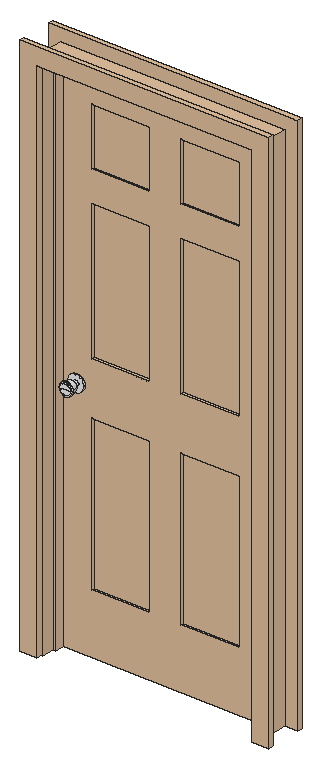
Revit family "M_Porta-Interna-Única-6_Painel-Madeira", category Portas, Revit 2019
Family settings
  Hospedeiro = Parede
  Número OmniClass = 23.30.10.00
  Título OmniClass = Doors
  Sempre na vertical = Sim
  Corte com vazios quando carregada = Não
  Compartilhado = Não
  Ponto de cálculo do ambiente = Não
Parameters
  Visual Light Transmittance = 0
  Material da apara = Cerejeira
  Corrimão superior = 120 mm
  Painel superior = (Width - Montante secundário - (2 * Estilos)) / 2  # 222.5 mm
  Espessura = 35 mm
  Resistência térmica (R) = 0.455703 (m²·K)/W
  Ângulo de abertura [instance] = 90.00°
  Estilos = 120 mm
  Solar Heat Gain Coefficient = 0
  Rough Width = Width + 50 mm  # 850 mm
  Altura bruta = Altura + 25 mm  # 2025 mm
  Material do painel = Cerejeira
  Montante secundário = 115 mm
  Bloquear corrimão = 200 mm
  Corrimão intermediário = 115 mm
  Altura = 2000 mm
  Fechamento da parede = Por hospedeiro
  Width = 800 mm
  Coeficiente de transferência de calor (U) = 2.19465 W/(m²·K)
  Função = Interior
  Material da moldura = Cerejeira
  Material da maçaneta = Alumín. 1
  Corrimão inferior = 230 mm
  Código de montagem = "C1020300"
  Construção analítica = "Madeira"
Reference planes
  plane 1 "Centro (Frente/Trás)": y = 0
  plane 2 "Centro (Esquerda/Direita)": x = 0
  plane 3 "Esquerda": x = -425
  plane 4 "Direita": x = 425
  plane 5 "Superior": z = 2025
  plane 6 "Exterior": y = 53.975
  plane 7 "Interior": y = -60.325
  plane 8 "Painel esquerdo da porta": x = -400
  plane 9 "Painel direito da porta": x = 400
  plane 10 "Topo do painel": z = 2000
  plane 11: z = 0
  plane 12: z = 0
  plane 13: x = 418.65
  plane 14: y = 18.975
  plane 15: y = -15.95
  plane 16: x = 387.3
  plane 17: y = 18.975
  plane 18: z = 230
  plane 19: z = 1880
  plane 20: x = 280
  plane 21: x = -280
  plane 22: z = 814.4
  plane 23: z = 1014.4
  plane 24: y = 30.642
  plane 25: y = 42.308
  plane 26: z = 914.4
  plane 27: x = 57.5
  plane 28: x = -57.5
  plane 29: z = 1657.5
  plane 30: z = 1542.5
Forms (mm)
  Sweep 1, solid, material "Cerejeira" <- "Material da moldura"
    path origin (0, 0, 0) x (1, 0, 0) y (0, 0, 1)
      loop
        line (425, 0) -> (425, 2025) -> (-425, 2025) -> (-425, 0)
    profile origin (425, 0, 1012.5) x (-1, 0, 0) y (0, -1, 0)
      loop
        line (25, -53.975) -> (25, -18.975) -> (37.7, -18.975) -> (37.7, 15.95) -> (25, 15.95) -> (25, 60.325) -> (0, 60.325) -> (0, -53.975) -> (25, -53.975)
  Extrusion 2, solid, material "Cerejeira" <- "Material do painel"
    sketch origin (0, 0, 0) x (1, 0, 0) y (0, 0, 1)
      loop
        line (400, 2000) -> (-400, 2000) -> (-400, 0) -> (400, 0) -> (400, 2000)
      loop
        line (280, 1880) -> (57.5, 1880) -> (57.5, 1657.5) -> (280, 1657.5) -> (280, 1880)
      loop
        line (280, 1014.4) -> (280, 1542.5) -> (57.5, 1542.5) -> (57.5, 1014.4) -> (280, 1014.4)
      loop
        line (-280, 1014.4) -> (-57.5, 1014.4) -> (-57.5, 1542.5) -> (-280, 1542.5) -> (-280, 1014.4)
      loop
        line (-280, 1880) -> (-280, 1657.5) -> (-57.5, 1657.5) -> (-57.5, 1880) -> (-280, 1880)
      loop
        line (280, 814.4) -> (57.5, 814.4) -> (57.5, 230) -> (280, 230) -> (280, 814.4)
      loop
        line (-280, 230) -> (-57.5, 230) -> (-57.5, 814.4) -> (-280, 814.4) -> (-280, 230)
    from -53.975 to -18.975
  Extrusion 3, solid, material "Cerejeira" <- "Material do painel"
    sketch origin (0, 0, 0) x (1, 0, 0) y (0, 0, 1)
      loop
        line (280, 1880) -> (57.5, 1880) -> (57.5, 1657.5) -> (280, 1657.5) -> (280, 1880)
      loop
        line (280, 1014.4) -> (280, 1542.5) -> (57.5, 1542.5) -> (57.5, 1014.4) -> (280, 1014.4)
      loop
        line (-280, 1014.4) -> (-57.5, 1014.4) -> (-57.5, 1542.5) -> (-280, 1542.5) -> (-280, 1014.4)
      loop
        line (-280, 1880) -> (-280, 1657.5) -> (-57.5, 1657.5) -> (-57.5, 1880) -> (-280, 1880)
      loop
        line (280, 814.4) -> (57.5, 814.4) -> (57.5, 230) -> (280, 230) -> (280, 814.4)
      loop
        line (-280, 230) -> (-57.5, 230) -> (-57.5, 814.4) -> (-280, 814.4) -> (-280, 230)
    from -42.308 to -30.642
  Sweep 4, solid, material "Cerejeira" <- "Material da apara", detail levels fine
    path origin (0, 53.975, 0) x (1, 0, 0) y (0, 0, 1)
      loop
        line (400, 0) -> (400, 2000) -> (-400, 2000) -> (-400, 0)
    profile "Perfil de caixa-plano : 20 x 65mm" origin (400, 53.975, 1000) x (-1, 0, 0) y (0, -1, 0)
      loop
        line (-6.35, -20) -> (-6.35, 0) -> (-71.35, 0) -> (-71.35, -20) -> (-6.35, -20)
  Sweep 5, solid, material "Cerejeira" <- "Material da apara", detail levels fine
    path origin (0, -60.325, 0) x (1, 0, 0) y (0, 0, 1)
      loop
        line (400, 0) -> (400, 2000) -> (-400, 2000) -> (-400, 0)
    profile "Perfil de caixa-plano : 20 x 65mm" origin (400, -60.325, 1000) x (-1, 0, 0) y (0, -1, 0)
      loop
        line (-6.35, 20) -> (-71.35, 20) -> (-71.35, 0) -> (-6.35, 0) -> (-6.35, 20)
Lines and regions (mm)
  Opening 1
    outline origin (-2286, -60.325, 0) x (1, 0, 0) y (0, 0, 1)
      loop
        line (1861, 0) -> (2711, 0) -> (2711, 2025) -> (1861, 2025) -> (1861, 0)
  Masking region 1, detail levels coarse+medium
    outline origin (0, 0, 0) x (1, 0, 0) y (0, 1, 0)
      loop
        line (-425, 53.975) -> (-425, -60.325) -> (-400, -60.325) -> (-400, 53.975) -> (-425, 53.975)
      loop
        line (425, 53.975) -> (400, 53.975) -> (400, -60.325) -> (425, -60.325) -> (425, 53.975)
  Masking region 2, detail levels fine
    outline origin (-25.4, 0, 0) x (1, 0, 0) y (0, 1, 0)
      loop
        line (-399.6, 53.975) -> (-399.6, -60.325) -> (-374.6, -60.325) -> (-374.6, -15.95) -> (-361.9, -15.95) -> (-361.9, 18.975) -> (-374.6, 18.975) -> (-374.6, 53.975) -> (-399.6, 53.975)
      loop
        line (450.4, 53.975) -> (425.4, 53.975) -> (425.4, 18.975) -> (412.7, 18.975) -> (412.7, -15.95) -> (425.4, -15.95) -> (425.4, -60.325) -> (450.4, -60.325) -> (450.4, 53.975)
  Masking region 3, detail levels fine
    outline origin (0, 0, 0) x (1, 0, 0) y (0, 1, 0)
      loop
        line (-471.35, 73.975) -> (-471.35, 53.975) -> (-406.35, 53.975) -> (-406.35, 73.975) -> (-471.35, 73.975)
      loop
        line (-471.35, -60.325) -> (-471.35, -80.325) -> (-406.35, -80.325) -> (-406.35, -60.325) -> (-471.35, -60.325)
      loop
        line (406.35, 73.975) -> (406.35, 53.975) -> (471.35, 53.975) -> (471.35, 73.975) -> (406.35, 73.975)
      loop
        line (406.35, -60.325) -> (406.35, -80.325) -> (471.35, -80.325) -> (471.35, -60.325) -> (406.35, -60.325)
  Masking region 4
    outline origin (0, 0, 0) x (0, 1, 0) y (0, 0, 1)
      loop
        line (53.975, 2025) -> (-60.325, 2025) -> (-60.325, 2018.65) -> (53.975, 2018.65) -> (53.975, 2025)
  symbolic lines, style "Giro da elevação"
    curve 1: line (-400, 53.975, 2000) -> (400, 53.975, 1000)
    curve 2: line (400, 53.975, 1000) -> (-400, 53.975, 0)
Text (mm)
  text "Exterior" at (-1904.17, 693.701, 0), in view "Nível de referência"
  text "Interior" at (-1904.17, -638.649, 0), in view "Nível de referência"
  text "Exterior" at (0, 1019.848, 3124.603), in view "Direita"
  text "Interior" at (0, -1635.541, 3124.603), in view "Direita"
  text "Interior" at (0, -787.806, 3124.376), in view "Esquerda"
  text "Exterior" at (0, 1386.095, 3124.376), in view "Esquerda"
Dimensions and locks
  equal spacing: plane 3 "Esquerda", plane 2 "Centro (Esquerda/Direita)", plane 4 "Direita"
  "Altura bruta": level to plane 5 "Superior"
  equal spacing: plane 8 "Painel esquerdo da porta", plane 2 "Centro (Esquerda/Direita)", plane 9 "Painel direito da porta"
  "Width": plane 8 "Painel esquerdo da porta" to plane 9 "Painel direito da porta"
  "Altura": level to plane 10 "Topo do painel"
  plane 11 to plane 12 = 0 mm
  locked: plane 13 to plane 4 "Direita" at 6.35
  "Espessura": plane 14 to plane 6 "Exterior"
  locked: plane 14 to plane 15 at 34.925
  locked: plane 16 to plane 9 "Painel direito da porta" at 12.7
  "Espessura": plane 6 "Exterior" to plane 17
  "Rough Width": plane 3 "Esquerda" to plane 4 "Direita"
  "Corrimão superior": plane 19 to plane 10 "Topo do painel"
  "Estilos": plane 20 to plane 9 "Painel direito da porta"
  "Estilos": plane 8 "Painel esquerdo da porta" to plane 21
  "Bloquear corrimão": plane 22 to plane 23
  equal spacing: plane 17, plane 24, plane 25, plane 6 "Exterior"
  locked: plane 12 to plane 26 at 914.4
  equal spacing: plane 22, plane 26, plane 23
  equal spacing: plane 12, curve 2, plane 10 "Topo do painel"
  "Corrimão inferior": plane 18 to plane 11
  "Montante secundário": plane 28 to plane 27
  equal spacing: plane 28, plane 2 "Centro (Esquerda/Direita)", plane 27
  "Painel superior": plane 29 to plane 19
  "Corrimão intermediário": plane 30 to plane 29
  locked: Masking region 4 sketch curve to plane 5 "Superior" at 6.35
  aligned and locked: plane 3 "Esquerda" to Opening 1 sketch curve
  aligned and locked: plane 5 "Superior" to Opening 1 sketch curve  (x2)
  aligned and locked: Opening 1 sketch curve to plane 4 "Direita"
  aligned and locked: Opening 1 sketch curve to level
  aligned and locked: plane 6 "Exterior" to host wall
  aligned and locked: plane 7 "Interior" to host wall
  aligned and locked: plane 5 "Superior" to Sweep 1 sketch curve
  aligned and locked: plane 4 "Direita" to Sweep 1 sketch curve  (x2)
  aligned and locked: Sweep 1 sketch curve to plane 3 "Esquerda"
  aligned and locked: plane 11 to level
  aligned and locked: plane 11 to Sweep 1 sketch curve  (x2)
  aligned and locked: Sweep 1 sketch curve to plane 9 "Painel direito da porta"
  aligned and locked: Sweep 1 sketch curve to host wall
  aligned and locked: Sweep 1 sketch curve to plane 7 "Interior"
  aligned and locked: Sweep 1 sketch curve to plane 15
  aligned and locked: Sweep 1 sketch curve to plane 16
  aligned and locked: plane 14 to Sweep 1 sketch curve
  aligned and locked: Extrusion 2 sketch curve to plane 10 "Topo do painel"
  aligned and locked: Extrusion 2 sketch curve to plane 8 "Painel esquerdo da porta"
  aligned and locked: plane 9 "Painel direito da porta" to Extrusion 2 sketch curve
  aligned and locked: Extrusion 2 sketch curve to plane 12
  aligned and locked: Extrusion 2 to plane 17
  aligned and locked: Extrusion 2 to plane 6 "Exterior"
  aligned and locked: Extrusion 2 sketch curve to plane 19
  aligned and locked: Extrusion 2 sketch curve to plane 21  (x2)
  aligned and locked: plane 23 to Extrusion 2 sketch curve
  aligned and locked: plane 20 to Extrusion 2 sketch curve  (x2)
  aligned and locked: Extrusion 2 sketch curve to plane 22
  aligned and locked: plane 18 to Extrusion 2 sketch curve
  aligned and locked: Extrusion 3 sketch curve to plane 19
  aligned and locked: plane 20 to Extrusion 3 sketch curve  (x2)
  aligned and locked: Extrusion 3 sketch curve to plane 21  (x2)
  aligned and locked: plane 23 to Extrusion 3 sketch curve
  aligned and locked: Extrusion 3 sketch curve to plane 22
  aligned and locked: plane 18 to Extrusion 3 sketch curve
  aligned and locked: plane 25 to Extrusion 3
  aligned and locked: Extrusion 3 to plane 24
  aligned and locked: nested 1 to plane 9 "Painel direito da porta"
  aligned and locked: plane 6 "Exterior" to nested 1
  aligned and locked: nested 2 to plane 8 "Painel esquerdo da porta"
  aligned and locked: plane 6 "Exterior" to nested 2
  aligned and locked: plane 8 "Painel esquerdo da porta" to nested 3
  aligned and locked: nested 3 to plane 17
  aligned and locked: plane 9 "Painel direito da porta" to Sweep 4 sketch curve
  aligned and locked: Sweep 4 sketch curve to plane 8 "Painel esquerdo da porta"
  aligned and locked: Sweep 4 sketch curve to plane 10 "Topo do painel"
  aligned and locked: Sweep 5 sketch curve to plane 9 "Painel direito da porta"
  aligned and locked: plane 10 "Topo do painel" to Sweep 5 sketch curve
  aligned and locked: plane 8 "Painel esquerdo da porta" to Sweep 5 sketch curve
  aligned and locked: Masking region 1 sketch curve to plane 3 "Esquerda"
  aligned and locked: plane 8 "Painel esquerdo da porta" to Masking region 1 sketch curve
  aligned and locked: Masking region 1 sketch curve to plane 7 "Interior"
  aligned and locked: plane 6 "Exterior" to Masking region 1 sketch curve
  aligned and locked: plane 9 "Painel direito da porta" to Masking region 1 sketch curve
  aligned and locked: Masking region 1 sketch curve to plane 4 "Direita"
  aligned and locked: plane 7 "Interior" to Masking region 1 sketch curve
  aligned and locked: Masking region 1 sketch curve to plane 6 "Exterior"
  aligned and locked: plane 11 to Sweep 4 sketch curve  (x2)
  aligned and locked: plane 11 to Sweep 5 sketch curve  (x2)
  aligned and locked: plane 8 "Painel esquerdo da porta" to Masking region 2 sketch curve
  aligned and locked: Masking region 2 sketch curve to plane 3 "Esquerda"
  aligned and locked: Masking region 2 sketch curve to plane 7 "Interior"
  aligned and locked: plane 6 "Exterior" to Masking region 2 sketch curve
  aligned and locked: Masking region 2 sketch curve to nested 2  (x2)
  aligned and locked: Masking region 2 sketch curve to Sweep 1  (x3)
  aligned and locked: Masking region 3 sketch curve to Sweep 4  (x6)
  aligned and locked: Masking region 3 sketch curve to plane 6 "Exterior"  (x2)
  aligned and locked: plane 7 "Interior" to Masking region 3 sketch curve  (x2)
  aligned and locked: Masking region 3 sketch curve to Sweep 5  (x6)
  aligned and locked: Masking region 2 sketch curve to plane 4 "Direita"
  aligned and locked: plane 9 "Painel direito da porta" to Masking region 2 sketch curve  (x3)
  aligned and locked: plane 17 to Masking region 2 sketch curve
  aligned and locked: Sweep 1 to Masking region 2 sketch curve
  aligned and locked: plane 27 to Extrusion 2 sketch curve  (x2)
  aligned and locked: plane 28 to Extrusion 2 sketch curve  (x2)
  aligned and locked: plane 27 to Extrusion 3 sketch curve
  aligned and locked: Extrusion 3 sketch curve to plane 28  (x2)
  aligned and locked: Extrusion 3 sketch curve to plane 27
  aligned and locked: Extrusion 2 sketch curve to plane 30  (x2)
  aligned and locked: Extrusion 2 sketch curve to plane 29  (x2)
  aligned and locked: plane 29 to Extrusion 3 sketch curve  (x2)
  aligned and locked: plane 30 to Extrusion 3 sketch curve  (x2)
  aligned and locked: plane 5 "Superior" to Masking region 4 sketch curve
  aligned and locked: plane 6 "Exterior" to Masking region 4 sketch curve
  aligned and locked: Masking region 4 sketch curve to plane 7 "Interior"
Automatic sketch dimensions
  plane 16 to Sweep 1 sketch curve = 12.7 mm
  curve 2 to level = 0 mm
  curve 2 to plane 8 "Painel esquerdo da porta" = 0 mm
  curve 1 to plane 8 "Painel esquerdo da porta" = 0 mm
  curve 2 to plane 9 "Painel direito da porta" = 0 mm
  curve 1 to plane 10 "Topo do painel" = 0 mm
  Masking region 2 sketch curve to host wall = 0 mm  (x2)
  Masking region 2 sketch curve to plane 17 = 0 mm
  Extrusion 2 sketch curve to plane 21 = 0 mm
  Extrusion 2 sketch curve to plane 28 = 0 mm
  Extrusion 2 sketch curve to plane 27 = 0 mm
  Extrusion 2 sketch curve to plane 20 = 0 mm
  Extrusion 2 sketch curve to plane 18 = 0 mm
  Extrusion 2 sketch curve to plane 22 = 0 mm
  Extrusion 2 sketch curve to plane 23 = 0 mm
  Extrusion 2 sketch curve to plane 19 = 0 mm
  Extrusion 3 sketch curve to plane 28 = 0 mm
  Extrusion 3 sketch curve to plane 27 = 0 mm
  Extrusion 3 sketch curve to plane 20 = 0 mm
  Extrusion 3 sketch curve to plane 18 = 0 mm
  Extrusion 3 sketch curve to plane 22 = 0 mm
  Extrusion 3 sketch curve to plane 23 = 0 mm
  Extrusion 3 sketch curve to plane 19 = 0 mm
  Extrusion 3 sketch curve to plane 21 = 0 mm
Nested families
  nested 1: "Porta com abertura única" at (400, 53.975, 0), Ângulo de abertura <- "Ângulo de abertura", type "Único"
    with Abertura visível yes, Ângulo de abertura 90.00°, Ângulo real 90.00°, Width 800 mm, Espessura 35 mm
  nested 2: "M_Maçaneta residencial" at (-400, 53.975, 914.4), type "Padrão", detail levels fine
  nested 3: "M_Maçaneta residencial" at (-400, 18.975, 914.4), type "Padrão", detail levels fine
Definition of nested family "M_Maçaneta residencial"
  Parameters (values of type "Padrão")
    Manufacturer = ""
    Material = none
    Handle Z Distance = 0 mm
    Handle X Distance = 65 mm
    Analytic Construction = "<Nenhum>"
  Reference planes
    plane 1 "Centro (Frente/Trás)": y = 0
    plane 2: z = 0
    plane 3 "Centro (Esquerda/Direita)": x = 0
    plane 4: z = 0
    plane 5: x = 65
  Forms (mm)
    Extrusion 1, solid, material <- "Material"
      sketch origin (0, 0, 0) x (1, 0, 0) y (0, 0, 1)
        loop
          circle (65, 0) r 30
      from 0 to -6
    Revolve 2, solid, material <- "Material"
      sketch origin (0, 0, 0) x (0, -1, 0) y (1, 0, 0)
        loop
          line (-25, 55) -> (-6, 55) -> (-6, 65) -> (-55, 65) -> (-55, 44.524) -> (-53.172, 40) -> (-49.708, 40) -> (-25, 46.364) -> (-25, 55)
        axis (-6, 65) -> (-55, 65)
      angle from 0 to 360
  Dimensions and locks
    "Handle Z Distance": plane 4 to level
    "Handle X Distance": plane 5 to plane 3 "Centro (Esquerda/Direita)"
  Automatic sketch dimensions
    Extrusion 1 sketch curve to plane 4 = 0 mm
    Extrusion 1 sketch curve to plane 5 = 0 mm
    Revolve 2 sketch curve to plane 5 = 0 mm  (x2)
    Revolve 2 sketch curve to plane 1 "Centro (Frente/Trás)" = 66 mm
    Revolve 2 sketch curve to Revolve 2 sketch curve = 11 mm
    Revolve 2 sketch curve to Revolve 2 sketch curve = 1.828 mm
    Revolve 2 sketch curve to Revolve 2 sketch curve = 3.464 mm
    Revolve 2 sketch curve to plane 1 "Centro (Frente/Trás)" = 25 mm
    Revolve 2 sketch curve to plane 1 "Centro (Frente/Trás)" = 6 mm
    Revolve 2 sketch curve to Revolve 2 sketch curve = 0 mm
    Revolve 2 sketch curve to Revolve 2 sketch curve = 10 mm
    Revolve 2 sketch curve to Revolve 2 sketch curve = 8.636 mm
    Revolve 2 sketch curve to Revolve 2 sketch curve = 20.476 mm
    Revolve 2 sketch curve to Revolve 2 sketch curve = 4.524 mm
    radius of Extrusion 1 sketch curve = 30 mm
Definition of nested family "Porta com abertura única"
  Parameters (values of type "Único")
    Width = 900 mm
    Thickness = 45 mm
    Abertura visível [instance] = Ângulo de abertura > 1.00°  # yes
    Ângulo de abertura [instance] = 45.00°
    Assembly Code = ""
    Analytic Construction = "<Nenhum>"
    Ângulo real [instance] = if(Ângulo de abertura < 1.00°, 1.00°, Ângulo de abertura)  # 45.00°
  Reference planes
    plane 1 "Centro (Frente/Trás)": y = 0
    plane 2: z = 0
    plane 3 "Centro (Esquerda/Direita)": x = 0
    plane 4: x = -900
  Lines and regions (mm)
    Masking region 1
      outline origin (0, 0, 0) x (-0.707107, 0.707107, 0) y (-0.707107, -0.707107, 0)
        loop
          line (0, 0) -> (900, 0) -> (900, 45) -> (0, 45) -> (0, 0)
    symbolic lines
      curve 1: line (0, 0, 0) -> (-900, 0, 0)
    symbolic lines, visible <- "Abertura visível"
      curve 2: arc (-900, 0, 0) -> (-831.492, 344.415, 0) -> (-636.396, 636.396, 0) r 900
    reference lines
      curve 3: line (0, 0, 0) -> (-636.396, 636.396, 0)
    model lines
      curve 4: line (0, 0, 0) -> (0, 0, 25.4)
  Dimensions and locks
    "Width": plane 4 to plane 3 "Centro (Esquerda/Direita)"
    locked: curve 2 to plane 3 "Centro (Esquerda/Direita)"
    locked: curve 2 to plane 1 "Centro (Frente/Trás)"
    "Width": curve 3 to curve 3
    "Thickness": Masking region 1 sketch curve to Masking region 1 sketch curve
    locked: curve 4 to plane 2 at 25.4
    "Width": radius of curve 2
    "Ângulo real": angle curve 2 to curve 2
    "Ângulo de abertura": angle curve 3 to plane 1 "Centro (Frente/Trás)"
    aligned and locked: curve 1 to plane 1 "Centro (Frente/Trás)"
    aligned and locked: plane 3 "Centro (Esquerda/Direita)" to curve 1
    aligned and locked: plane 3 "Centro (Esquerda/Direita)" to curve 3
    aligned and locked: plane 1 "Centro (Frente/Trás)" to curve 3
    aligned and locked: curve 3 to Masking region 1 sketch curve
    aligned and locked: Masking region 1 sketch curve to curve 3  (x2)
    aligned and locked: plane 3 "Centro (Esquerda/Direita)" to curve 4
    aligned and locked: plane 2 to curve 4
Types in the file's own list only (39): name | Transmissão de luz visual | Painel superior | Resistência térmica (R) | Estilos | Coeficiente de ganho de calor solar | Largura bruta | Altura bruta | Altura | Largura | Coeficiente de transferência de calor (U)
  300 x 2000mm | 0 | 33 mm | 0.4557 (m²·K)/W | 60 mm | 0 | 350 mm | 2025 mm | 2000 mm | 300 mm | 2.1946 W/(m²·K)
  350 x 2000mm | 0 | 58 mm | 0.4557 (m²·K)/W | 60 mm | 0 | 400 mm | 2025 mm | 2000 mm | 350 mm | 2.1946 W/(m²·K)
  400 x 2000mm | 0 | 83 mm | 0.4557 (m²·K)/W | 60 mm | 0 | 450 mm | 2025 mm | 2000 mm | 400 mm | 2.1946 W/(m²·K)
  450 x 2000mm | 0 | 48 mm | 0.4557 (m²·K)/W | 120 mm | 0 | 500 mm | 2025 mm | 2000 mm | 450 mm | 2.1946 W/(m²·K)
  500 x 2000mm | 0 | 73 mm | 0.4557 (m²·K)/W | 120 mm | 0 | 550 mm | 2025 mm | 2000 mm | 500 mm | 2.1946 W/(m²·K)
  550 x 2000mm | 0 | 98 mm | 0.4557 (m²·K)/W | 120 mm | 0 | 600 mm | 2025 mm | 2000 mm | 550 mm | 2.1946 W/(m²·K)
  600 x 2000mm | 0 | 123 mm | 0.4557 (m²·K)/W | 120 mm | 0 | 650 mm | 2025 mm | 2000 mm | 600 mm | 2.1946 W/(m²·K)
  650 x 2000mm | 0 | 148 mm | 0.4557 (m²·K)/W | 120 mm | 0 | 700 mm | 2025 mm | 2000 mm | 650 mm | 2.1946 W/(m²·K)
  700 x 2000mm | 0 | 173 mm | 0.4557 (m²·K)/W | 120 mm | 0 | 750 mm | 2025 mm | 2000 mm | 700 mm | 2.1946 W/(m²·K)
  750 x 2000mm | 0 | 198 mm | 0.4557 (m²·K)/W | 120 mm | 0 | 800 mm | 2025 mm | 2000 mm | 750 mm | 2.1946 W/(m²·K)
  800 x 2000mm | 0 | 223 mm | 0.4557 (m²·K)/W | 120 mm | 0 | 850 mm | 2025 mm | 2000 mm | 800 mm | 2.1946 W/(m²·K)
  850 x 2000mm | 0 | 248 mm | 0.4557 (m²·K)/W | 120 mm | 0 | 900 mm | 2025 mm | 2000 mm | 850 mm | 2.1946 W/(m²·K)
  900 x 2000mm | 0 | 273 mm | 0.4557 (m²·K)/W | 120 mm | 0 | 950 mm | 2025 mm | 2000 mm | 900 mm | 2.1946 W/(m²·K)
  300 x 2100mm | 0 | 33 mm | 0.4557 (m²·K)/W | 60 mm | 0 | 350 mm | 2125 mm | 2100 mm | 300 mm | 2.1946 W/(m²·K)
  350 x 2100mm | 0 | 58 mm | 0.4557 (m²·K)/W | 60 mm | 0 | 400 mm | 2125 mm | 2100 mm | 350 mm | 2.1946 W/(m²·K)
  400 x 2100mm | 0 | 83 mm | 0.4557 (m²·K)/W | 60 mm | 0 | 450 mm | 2125 mm | 2100 mm | 400 mm | 2.1946 W/(m²·K)
  450 x 2100mm | 0 | 48 mm | 0.4557 (m²·K)/W | 120 mm | 0 | 500 mm | 2125 mm | 2100 mm | 450 mm | 2.1946 W/(m²·K)
  500 x 2100mm | 0 | 73 mm | 0.4557 (m²·K)/W | 120 mm | 0 | 550 mm | 2125 mm | 2100 mm | 500 mm | 2.1946 W/(m²·K)
  550 x 2100mm | 0 | 98 mm | 0.4557 (m²·K)/W | 120 mm | 0 | 600 mm | 2125 mm | 2100 mm | 550 mm | 2.1946 W/(m²·K)
  600 x 2100mm | 0 | 123 mm | 0.4557 (m²·K)/W | 120 mm | 0 | 650 mm | 2125 mm | 2100 mm | 600 mm | 2.1946 W/(m²·K)
  650 x 2100mm | 0 | 148 mm | 0.4557 (m²·K)/W | 120 mm | 0 | 700 mm | 2125 mm | 2100 mm | 650 mm | 2.1946 W/(m²·K)
  700 x 2100mm | 0 | 173 mm | 0.4557 (m²·K)/W | 120 mm | 0 | 750 mm | 2125 mm | 2100 mm | 700 mm | 2.1946 W/(m²·K)
  750 x 2100mm | 0 | 198 mm | 0.4557 (m²·K)/W | 120 mm | 0 | 800 mm | 2125 mm | 2100 mm | 750 mm | 2.1946 W/(m²·K)
  800 x 2100mm | 0 | 223 mm | 0.4557 (m²·K)/W | 120 mm | 0 | 850 mm | 2125 mm | 2100 mm | 800 mm | 2.1946 W/(m²·K)
  850 x 2100mm | 0 | 248 mm | 0.4557 (m²·K)/W | 120 mm | 0 | 900 mm | 2125 mm | 2100 mm | 850 mm | 2.1946 W/(m²·K)
  900 x 2100mm | 0 | 273 mm | 0.4557 (m²·K)/W | 120 mm | 0 | 950 mm | 2125 mm | 2100 mm | 900 mm | 2.1946 W/(m²·K)
  300 x 2400mm | 0 | 33 mm | 0.4557 (m²·K)/W | 60 mm | 0 | 350 mm | 2425 mm | 2400 mm | 300 mm | 2.1946 W/(m²·K)
  350 x 2400mm | 0 | 58 mm | 0.4557 (m²·K)/W | 60 mm | 0 | 400 mm | 2425 mm | 2400 mm | 350 mm | 2.1946 W/(m²·K)
  400 x 2400mm | 0 | 83 mm | 0.4557 (m²·K)/W | 60 mm | 0 | 450 mm | 2425 mm | 2400 mm | 400 mm | 2.1946 W/(m²·K)
  450 x 2400mm | 0 | 48 mm | 0.4557 (m²·K)/W | 120 mm | 0 | 500 mm | 2425 mm | 2400 mm | 450 mm | 2.1946 W/(m²·K)
  500 x 2400mm | 0 | 73 mm | 0.4557 (m²·K)/W | 120 mm | 0 | 550 mm | 2425 mm | 2400 mm | 500 mm | 2.1946 W/(m²·K)
  550 x 2400mm | 0 | 98 mm | 0.4557 (m²·K)/W | 120 mm | 0 | 600 mm | 2425 mm | 2400 mm | 550 mm | 2.1946 W/(m²·K)
  600 x 2400mm | 0 | 123 mm | 0.4557 (m²·K)/W | 120 mm | 0 | 650 mm | 2425 mm | 2400 mm | 600 mm | 2.1946 W/(m²·K)
  650 x 2400mm | 0 | 148 mm | 0.4557 (m²·K)/W | 120 mm | 0 | 700 mm | 2425 mm | 2400 mm | 650 mm | 2.1946 W/(m²·K)
  700 x 2400mm | 0 | 173 mm | 0.4557 (m²·K)/W | 120 mm | 0 | 750 mm | 2425 mm | 2400 mm | 700 mm | 2.1946 W/(m²·K)
  750 x 2400mm | 0 | 198 mm | 0.4557 (m²·K)/W | 120 mm | 0 | 800 mm | 2425 mm | 2400 mm | 750 mm | 2.1946 W/(m²·K)
  800 x 2400mm | 0 | 223 mm | 0.4557 (m²·K)/W | 120 mm | 0 | 850 mm | 2425 mm | 2400 mm | 800 mm | 2.1946 W/(m²·K)
  850 x 2400mm | 0 | 248 mm | 0.4557 (m²·K)/W | 120 mm | 0 | 900 mm | 2425 mm | 2400 mm | 850 mm | 2.1946 W/(m²·K)
  900 x 2400mm | 0 | 273 mm | 0.4557 (m²·K)/W | 120 mm | 0 | 950 mm | 2425 mm | 2400 mm | 900 mm | 2.1946 W/(m²·K)
